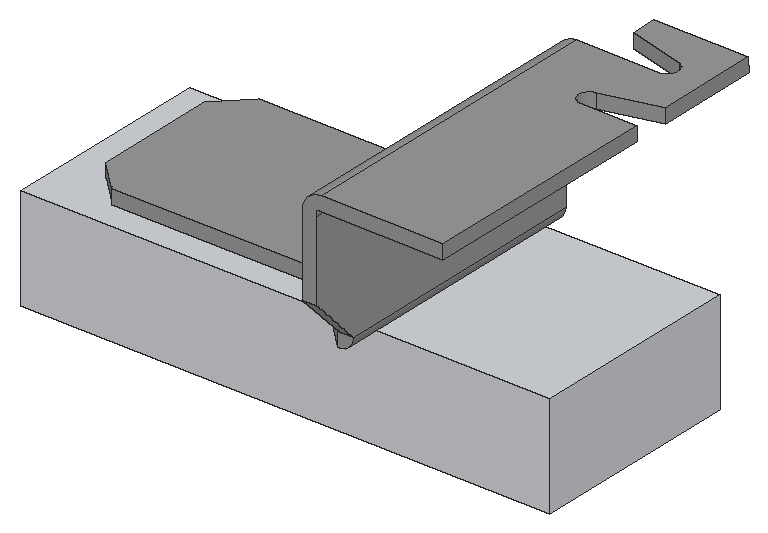
Revit family "IEK_Держатель шин заземления", category Обобщенные модели, Revit 2019
Family settings
  Основа = Грань
  Может служить основой для арматурных стержней = Нет
  Размер круглого соединителя = Использовать диаметр
  Тип детали = Нормальный
  При загрузке вырезать с полостями = Нет
  Общий = Да
  Точка расчета площади = Нет
Parameters (values of type "Медный")
  Default Elevation = 0 mm
  Description = ""
  KSI_CPr_Строительные изделия = ""
  KSI_CMa_Строительные материалы = "СТ 10 12 20 10"
  IEK_Цена за единицу = 527.8
  IEK_Поиск в таблице имен = ""
  IEK_Описание = "Удобная форма изделия позволяет быстро производить монтаж шин."
  IEK_URL = "https://www.iek.ru/products/catalog/sistemy_dlya_prokladki_kabelya/molniezashchita_i_zazemlenie/passivnaya_molniezashchita_i_zazemlenie/derzhateli/derzhatel_shin_zazemleniya_med_iek"
  ADSK_Примечание = ""
  ADSK_Позиция [instance] = ""
  ADSK_Наименование = "Держатель шин заземления медь IEK"
  ADSK_Материал обозначение = ""
  ADSK_Материал наименование = "Медь"
  ADSK_Материал = Медь
  ADSK_Масса = 0.05
  ADSK_Марка = ""
  ADSK_Код изделия = "ZGB10D-BH-50"
  ADSK_Завод-изготовитель = "IEK"  # constant formula
  ADSK_Единица измерения = "шт"  # constant formula
  ADSK_Группирование = "VIII. ЭЛЕМЕНТЫ ВНЕШНЕЙ МОЛНИЕЗАЩИТЫ"  # constant formula
  ADSK_Версия семейства = "1.0"  # constant formula
  ADSK_Версия Revit = "2019"  # constant formula
  ADSK_URL страницы изделия = "https://www.iek.ru/products/catalog/sistemy_dlya_prokladki_kabelya/molniezashchita_i_zazemlenie/passivnaya_molniezashchita_i_zazemlenie/derzhateli/"
Types (3, lengths in mm): name | KSI_CMa_Строительные материалы | IEK_Цена за единицу | IEK_URL | ADSK_Наименование | ADSK_Материал наименование | ADSK_Материал | ADSK_Код изделия
  (no name) | "СТ 10 12 20 10" | 527.8 | "https://www.iek.ru/products/catalog/sistemy_dlya_prokladki_kabelya/molniezashchita_i_zazemlenie/passivnaya_molniezashchita_i_zazemlenie/derzhateli/derzhatel_shin_zazemleniya_med_iek" | "Держатель шин заземления медь IEK" | "Медь" | Медь | "ZGB10D-BH-50"
  Стальной | "24.10.35.000.08.3.05.06-0001" | 120 | "https://www.iek.ru/products/catalog/sistemy_dlya_prokladki_kabelya/molniezashchita_i_zazemlenie/passivnaya_molniezashchita_i_zazemlenie/derzhateli/derzhatel_shin_zazemleniya_otsinkovannaya_stal_iek" | "Держатель шин заземления оцинкованная сталь IEK" | "Сталь оцинкованная" | Сталь оцинкованная | "ZGB10D-BH-11"
  Медный | "СТ 10 12 20 10" | 527.8 | "https://www.iek.ru/products/catalog/sistemy_dlya_prokladki_kabelya/molniezashchita_i_zazemlenie/passivnaya_molniezashchita_i_zazemlenie/derzhateli/derzhatel_shin_zazemleniya_med_iek" | "Держатель шин заземления медь IEK" | "Медь" | Медь | "ZGB10D-BH-50"
Reference planes
  plane 1 "По центру (Вперед/Назад)": y = 0
  plane 2: z = 0
  plane 3 "По центру (Влево/Вправо)": x = 0
  plane 4: x = -32
  plane 5: z = 23
  plane 6: y = 27
  plane 7: y = -27
  plane 8: x = 32
Forms (mm)
  Extrusion 1, solid
    sketch origin (0, 0, 0) x (1, 0, 0) y (0, 1, 0)
      loop
        line (-37.5, 15) -> (-37.5, -15) -> (37.5, -15) -> (37.5, 15) -> (-37.5, 15)
    from 0 to -14.533
  Extrusion 2, solid, material "Медь" <- "ADSK_Материал"
    sketch origin (0, 0, 0) x (1, 0, 0) y (0, 0, 1)
      loop
        line (-32, 0) -> (12.137, 0)
        arc (12.137, 0) -> (13.517, 0.572) -> (14.089, 1.952) r 1.952
        line (14.089, 1.952) -> (14.089, 20.203) -> (14.089, 21) -> (32, 21) -> (32, 23) -> (14.772, 23)
        arc (14.772, 23) -> (12.85, 22.204) -> (12.055, 20.283) r 2.717
        line (12.055, 20.283) -> (12.055, 1.979) -> (-32, 1.979) -> (-32, 0)
    from -27 to 27
  Extrusion 3, void
    sketch origin (0, 0, 0) x (1, 0, 0) y (0, 1, 0)
      loop
        line (-27.732, 15) -> (2.39, 15) -> (7.845, 18.149) -> (26.843, 18.149)
        arc (26.843, 18.149) -> (27.984, 19.636) -> (26.843, 21.123) r 1.539
        line (26.843, 21.123) -> (18.662, 23.315) -> (18.662, 27) -> (18.662, 29.332) -> (-35.754, 29.332) -> (-35.754, 6.978) -> (-27.732, 15)
      loop
        line (-27.732, -11) -> (-35.754, -2.978) -> (-35.754, -29.14) -> (11.806, -29.14) -> (11.806, -20.415) -> (2.39, -11) -> (-27.732, -11)
      loop
        circle (-1.661, 2) r 3.5
      loop
        line (32, 7.194) -> (34.416, 7.194) -> (34.416, 12.36) -> (32, 12.36) -> (23.82, 10.168)
        arc (23.82, 10.168) -> (22.679, 8.681) -> (23.82, 7.194) r 1.539
        line (23.82, 7.194) -> (32, 7.194)
    from 0 to 23
  Extrusion 4, void
    sketch origin (0, 0, 0) x (0, 1, 0) y (0, 0, 1)
      loop
        line (-27, 8.811) -> (-28.987, 8.811) -> (-28.987, 7.647) -> (-28.987, -1.075) -> (-20.415, -1.075) -> (-20.415, 1.979) -> (-27, 8.811)
      loop
        line (15, 11.507) -> (17, 11.507) -> (17, -2.34) -> (19.757, -2.34) -> (19.757, 11.507) -> (19.349, 17.922) -> (14.349, 17.922) -> (-15.633, 16.875) -> (-15.633, 14.075) -> (12.432, 14.075) -> (15, 11.507)
    from -1.797 to 17.22
Cuts and joins
  Extrusion 3, Extrusion 4 cuts Extrusion 2
Dimensions and locks
  plane 5 to level = 23 mm
  plane 7 to plane 6 = 54 mm
  aligned and locked: plane 2 to Extrusion 1
  aligned and locked: level to Extrusion 1
  aligned and locked: plane 6 to Extrusion 2
  aligned and locked: plane 7 to Extrusion 2
